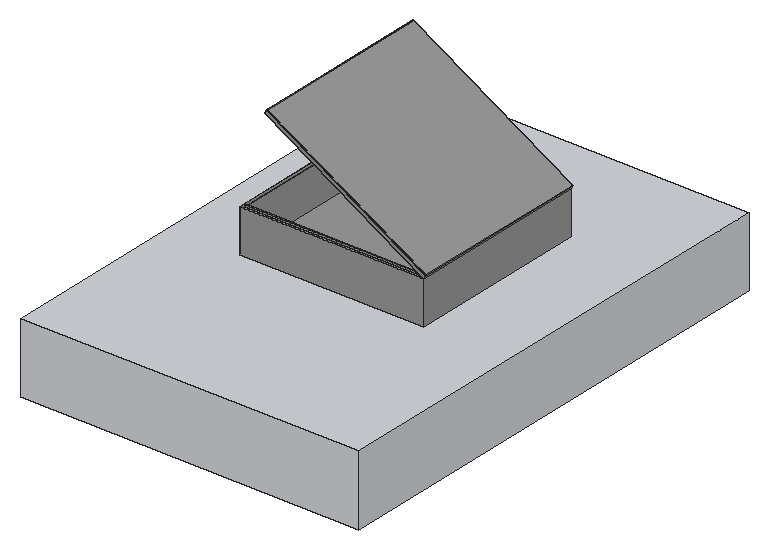
Revit family "Hager-Univers-IP44-D205-H800-Cl.II-Encl-BE-en", category Equipement électrique, Revit 2020
Family settings
  Hôte = Face
  Configuration du panneau = Deux colonnes, circuits au sein
  Cote de connecteur circulaire = Utiliser le diamètre
  Type d'élément = Tableau de raccordement
  Couper avec des vides une fois chargée = Non
  Partagée = Non
  Point de calcul de pièce = Non
Parameters (values of type "Surface mounted (plaster) IP44 W800 H800 D205  - FP53QS")
  Width Control [instance] = if([EF000008 - Width] > Min Width, [EF000008 - Width], Min Width)  # 800 mm
  Commentaires du type = [HG000003 - Range]  # "Univers"
  Thickness Door [instance] = if([EF009171 - Material plate thickness door/cover] > 3 mm, 3 mm, [EF009171 - Material plate thickness door/cover])  # 1 mm
  Seal Frame Offset [instance] = 17 mm  # constant formula
  Plinth Visibility [instance] = [HG000027 - Plinth height] > 0 mm  # no
  Model = ""
  Min Width [instance] = 100 mm  # constant formula
  Min Height [instance] = 100 mm  # constant formula
  Min Depth [instance] = (2 * [EF009170 - Material plate thickness cabinet]) + 1 mm  # 3 mm
  Internal Frame Depth [instance] = (Door System Depth * 0.5)  # 9 mm
  Height Control [instance] = if([EF000040 - Height] > Min Height, [EF000040 - Height], Min Height)  # 800 mm
  HG000027 - Plinth height = 0 mm
  HG000026 - Floor standing = no
  HG000024 - Bottom section height = 800 mm
  HG000023 - Double section enclosure = no
  HG000016 - Door 3d visibility [instance] = yes
  HG000015 - Clearance visibility [instance] = no
  HG000014 - Door on the right [instance] = yes
  HG000013 - Door on the left [instance] = not([HG000014 - Door on the right])  # no
  HG000012 - Door swing angle [instance] = 30.00°
  HG000010 - Asymmetric doors = no
  HG000009 - Double swing door = no
  HG000006 - Flush mounted = no
  HG000004 - Manufacturer reference = "FP53QS"
  HG000003 - Range = "Univers"
  HG000002 - With door or cover = yes
  Frame Offset Bottom [instance] = 10 mm  # constant formula
  Frame Offset [instance] = 15 mm  # constant formula
  EF015940 - Cover with overpressure release = no
  EF011959 - Degree of protection (NEMA) = ""
  EF009554 - Number of openings for flange plates = 6
  EF009212 - Cover model = "EV000116 - Closed"
  EF009171 - Material plate thickness door/cover = 1 mm
  EF009170 - Material plate thickness cabinet = 1 mm
  Fabricant = "Hager"  # constant formula
  EF008873 - Nominal current (In) = 250 A
  EF007800 - Suitable for lightning protection = no
  EF006306 - With lock = no
  EF006244 - Transparent cover/door = no
  EF005474 - Degree of protection (IP) = "EV006418 - IP44"
  EF004464 - Type of door = "EV002646 - Single"
  EF004427 - Number of modules = 180
  EF004293 - Impact strength = "EV006815 - IK09"
  EF003532 - Suitable for outdoor use = no
  EF002950 - Width in number of modular spacings = 36
  EF001613 - Circuit integrity = "EV000494 - None"
  EF001596 - Material housing = "EV000179 - Steel"
  EF001131 - Internal depth = 143 mm
  EF001088 - Extension possible = yes
  EF000437 - Number of conduit inlets = 6
  EF000339 - Type of cover = "EV001012 - Cover"
  EF000266 - Number of rows = 5
  EF000218 - Built-in depth = 0 mm
  EF000118 - With mounting plate = no
  EF000116 - RAL-number = "9010"
  EF000049 - Depth = 205 mm
  EF000040 - Height = 800 mm
  EF000008 - Width = 800 mm
  EF000007 - Colour = "EV000202 - White"
  EF000003 - Mounting method = "EV000384 - Surface mounted (plaster)"
  Door System Leaf Tolerance [instance] = 1.5 mm  # constant formula
  Door System Depth [instance] = 18 mm  # constant formula
  Door Height [instance] = Height Control - [HG000027 - Plinth height]  # 800 mm
  Depth Control [instance] = if([EF000049 - Depth] > Min Depth, [EF000049 - Depth], Min Depth)  # 205 mm
  Default Elevation = 0 mm
  Connector Offset [instance] = Height Control / 2  # 400 mm
  Bottom Top Plate Trim [instance] = 1.5 mm  # constant formula
  Plinth height Ctrl [instance] = if([HG000027 - Plinth height] > 0 mm, [HG000027 - Plinth height], 12 mm)  # 12 mm
Types (5, lengths in mm): name | Width Control | HG000009 - Double swing door | HG000004 - Manufacturer reference | EF009554 - Number of openings for flange plates | EF004464 - Type of door | EF004427 - Number of modules | EF002950 - Width in number of modular spacings | EF000437 - Number of conduit inlets | EF000008 - Width
  Surface mounted (plaster) IP44 W1050 H800 D205  - FP54QS | 1050 | no | "FP54QS" | 8 | "EV003602 - Double" | 240 | 48 | 8 | 1050
  Surface mounted (plaster) IP44 W1300 H800 D205  - FP55QS | 1300 | yes | "FP55QS" | 10 | "EV003602 - Double" | 300 | 60 | 10 | 1300
  Surface mounted (plaster) IP44 W300 H800 D205  - FP51QS | 300 | no | "FP51QS" | 2 | "EV002646 - Single" | 60 | 12 | 2 | 300
  Surface mounted (plaster) IP44 W550 H800 D205  - FP52QS | 550 | no | "FP52QS" | 4 | "EV002646 - Single" | 120 | 24 | 4 | 550
  Surface mounted (plaster) IP44 W800 H800 D205  - FP53QS | 800 | no | "FP53QS" | 6 | "EV002646 - Single" | 180 | 36 | 6 | 800
Reference planes
  plane 1 "Center (Front/Back)": y = 0
  plane 2: z = 0
  plane 3 "Center (Left/Right)": x = 0
  plane 4: z = 205
  plane 5: y = 1
  plane 6: y = 400
  plane 7: y = 0
  plane 8: y = 800
  plane 9: z = 0
  plane 10: x = -385
  plane 11: x = 385
  plane 12: x = 384
  plane 13: x = -384
  plane 14: y = 799
  plane 15: x = -383
  plane 16: x = -400
  plane 17: x = 383
  plane 18: x = 400
  plane 19: x = 399
  plane 20: x = -399
  plane 21: y = 11
  plane 22: y = 800
  plane 23: y = 784
  plane 24: z = 187
  plane 25: z = 1
  plane 26: z = 186
  plane 27: z = 204
Forms (mm)
  Extrusion 1, solid
    sketch origin (0, 0, 0) x (1, 0, 0) y (0, 1, 0)
      loop
        line (-702.964, 1305) -> (-702.964, -811.445) -> (766.763, -811.445) -> (766.763, 1305) -> (-702.964, 1305)
    from 0 to -304.8
  Extrusion 2, solid, material "Hager_Steel_RAL7035_Light_Grey", visible <- "Plinth Visibility", detail levels medium+fine
    sketch origin (0, 0, 0) x (1, 0, 0) y (0, 1, 0)
      loop
        line (-400, 0) -> (400, 0) -> (400, 12) -> (-400, 12) -> (-400, 0)
    from 0 to 187
  Extrusion 3, solid, material "Hager_Steel_RAL7035_Light_Grey", detail levels medium+fine
    sketch origin (0, 0, 0) x (1, 0, 0) y (0, 1, 0)
      loop
        line (-400, 0) -> (400, 0) -> (400, 800) -> (-400, 800) -> (-400, 0)
    from 0 to 187
  Extrusion 4, void
    sketch origin (0, 0, 0) x (1, 0, 0) y (0, 1, 0)
      loop
        line (-399, 1) -> (399, 1) -> (399, 799) -> (-399, 799) -> (-399, 1)
    from 1 to 186
  Extrusion 5, void
    sketch origin (-381.607, -4572, 187) x (0, -1, 0) y (-1, 0, 0)
      loop
        line (-4583, 2.393) -> (-5356, 2.393) -> (-5356, -765.607) -> (-4583, -765.607) -> (-4583, 2.393)
    from 0 to 1 <- "EF009170 - Material plate thickness cabinet"
  Extrusion 6, solid, material "Hager_Steel_RAL7035_Light_Grey", detail levels fine
    sketch origin (0, 0, 187) x (1, 0, 0) y (0, 1, 0)
      loop
        line (-384, 784) -> (-384, 11) -> (384, 11) -> (384, 784) -> (-384, 784)
      loop
        line (-385, 10) -> (385, 10) -> (385, 785) -> (-385, 785) -> (-385, 10)
    from 0 to 9 <- "Internal Frame Depth"
  Extrusion 7, solid, material "Hager_Steel_RAL7035_Light_Grey", detail levels coarse
    sketch origin (0, 0, 0) x (1, 0, 0) y (0, 1, 0)
      loop
        line (-400, 0) -> (400, 0) -> (400, 800) -> (-400, 800) -> (-400, 0)
    from 0 to 205
  Sweep 8, void
    path in 3D
      loop
        line (-400, 12, 0) -> (400, 12, 0) -> (400, 12, 187) -> (-400, 12, 187) -> (-400, 12, 0)
    profile origin (-400, 12, 93.5) x (-1, 0, 0) y (0, -1, 0)
      loop
        line (0, 0) -> (0, 1.5) -> (-1.5, 1.5)
        arc (-1.5, 1.5) -> (-1.061, 0.439) -> (0, 0) r 1.5
Cuts and joins
  Extrusion 4, Extrusion 5 cuts Extrusion 3
  Sweep 8 cuts Extrusion 2
Lines and regions (mm)
  Masking region 1
    outline origin (0, 0, 0) x (1, 0, 0) y (0, 0, 1)
      loop
        line (-400, 205) -> (-400, 0) -> (400, 0) -> (400, 205) -> (-400, 205)
  Masking region 2, detail levels medium+fine
    outline origin (0, 140, 0) x (0, 1, 0) y (0, 0, 1)
      loop
        line (-140, 0) -> (660, 0) -> (660, 187) -> (-140, 187) -> (-140, 0)
  Masking region 3, not visible, detail levels medium+fine
    outline origin (0, 297.922, 0) x (0, 1, 0) y (0, 0, 1)
      loop
        line (113.578, 0) -> (153.578, 0) -> (153.578, 194)
        arc (153.578, 194) -> (150.649, 201.071) -> (143.578, 204) r 10
        line (143.578, 204) -> (113.578, 204) -> (113.578, 0)
  Masking region 4, detail levels coarse
    outline origin (0, 0, 180) x (0, 1, 0) y (0, 0, 1)
      loop
        line (0, -180) -> (800, -180) -> (800, 25) -> (0, 25) -> (0, -180)
  Masking region 5, visible <- "Plinth Visibility", detail levels medium+fine
    outline origin (0, 52.24, 12.345) x (0, 0, -1) y (0, 1, 0)
      loop
        line (10.845, -40.24) -> (-173.155, -40.24)
        arc (-173.155, -40.24) -> (-173.594, -41.301) -> (-174.655, -41.74) r 1.5
        line (-174.655, -41.74) -> (-174.655, -52.24) -> (12.345, -52.24) -> (12.345, -41.74)
        arc (12.345, -41.74) -> (11.285, -41.301) -> (10.845, -40.24) r 1.5
  Masking region 6, detail levels medium+fine
    outline origin (-381.607, -4572, 187) x (-1, 0, 0) y (0, -1, 0)
      loop
        line (18.393, -5372) -> (18.393, -4572) -> (-781.607, -4572) -> (-781.607, -5372) -> (18.393, -5372)
  Masking region 7, visible <- "Plinth Visibility", detail levels medium+fine
    outline origin (-381.607, -4727, 187) x (-1, 0, 0) y (0, -1, 0)
      loop
        arc (16.893, -4739) -> (17.332, -4737.939) -> (18.393, -4737.5) r 1.5
        line (18.393, -4737.5) -> (18.393, -4727) -> (-781.607, -4727) -> (-781.607, -4737.5)
        arc (-781.607, -4737.5) -> (-780.546, -4737.939) -> (-780.107, -4739) r 1.5
        line (-780.107, -4739) -> (16.893, -4739)
  Masking region 8, detail levels coarse
    outline origin (-442.548, -4669.526, 187) x (-1, 0, 0) y (0, -1, 0)
      loop
        line (-42.548, -5469.526) -> (-42.548, -4669.526) -> (-842.548, -4669.526) -> (-842.548, -5469.526) -> (-42.548, -5469.526)
  sketch lines
    curve 1: line (-400, 12, 187) -> (-400, 12, 0)
    curve 2: line (400, 12, 187) -> (-400, 12, 187)
    curve 3: line (400, 12, 187) -> (400, 12, 0)
    curve 4: line (-400, 12, 0) -> (400, 12, 0)
Dimensions and locks
  "Depth Control": plane 4 to Extrusion 1
  "HG000027 - Plinth height": plane 1 "Center (Front/Back)" to plane 7
  "EF009170 - Material plate thickness cabinet": plane 5 to plane 7
  locked: connector elem to plane 3 "Center (Left/Right)"
  equal spacing: plane 8, plane 6, plane 7
  locked: connector elem to plane 6
  "EF009170 - Material plate thickness cabinet": plane 8 to plane 14
  "EF009170 - Material plate thickness cabinet": plane 10 to plane 13
  "EF009170 - Material plate thickness cabinet": plane 12 to plane 11
  "Frame Offset": plane 20 to plane 13
  "Frame Offset": plane 12 to plane 19
  "EF009170 - Material plate thickness cabinet": plane 16 to plane 20
  "EF009170 - Material plate thickness cabinet": plane 19 to plane 18
  "Seal Frame Offset": plane 16 to plane 15
  "Seal Frame Offset": plane 17 to plane 18
  "Frame Offset Bottom": plane 21 to plane 5
  "Frame Offset": plane 14 to plane 23
  equal spacing: plane 16, plane 3 "Center (Left/Right)", plane 18
  "Width Control": plane 16 to plane 18
  "EF009170 - Material plate thickness cabinet": plane 4 to plane 27
  "EF009170 - Material plate thickness cabinet": plane 24 to plane 26
  "EF009170 - Material plate thickness cabinet": plane 25 to level
  "Door System Depth": plane 4 to plane 24
  "Height Control": plane 1 "Center (Front/Back)" to Extrusion 7 sketch curve
  "Height Control": Masking region 4 sketch curve to plane 1 "Center (Front/Back)"
  "Height Control": plane 1 "Center (Front/Back)" to plane 22
  "Bottom Top Plate Trim": profile plane to Sweep 8 sketch curve
  "Bottom Top Plate Trim": Sweep 8 sketch curve to profile plane
  "Plinth height Ctrl": plane 1 "Center (Front/Back)" to Extrusion 2 sketch curve
  "Plinth height Ctrl": Masking region 5 sketch curve to plane 1 "Center (Front/Back)"
  "Plinth height Ctrl": plane 1 "Center (Front/Back)" to Masking region 7 sketch curve
  "Thickness Door": Extrusion 6 sketch curve to Extrusion 6 sketch curve  (x3)
  "Thickness Door": cut or joined group of Extrusion 3, Extrusion 4, Extrusion 5 to Extrusion 6 sketch curve
  radius of Masking region 3 sketch curve = 10 mm
  "Bottom Top Plate Trim": radius of Masking region 5 sketch curve  (x2)
  "Bottom Top Plate Trim": radius of Sweep 8 sketch curve
  "Bottom Top Plate Trim": radius of Masking region 7 sketch curve  (x2)
  aligned and locked: plane 2 to Extrusion 1
  aligned and locked: level to Extrusion 1
  aligned and locked: level to Masking region 1 sketch curve
  aligned and locked: Masking region 1 sketch curve to plane 18
  aligned and locked: Masking region 1 sketch curve to plane 16
  aligned and locked: plane 7 to Masking region 2 sketch curve
  aligned and locked: level to Masking region 3 sketch curve
  aligned and locked: Masking region 3 sketch curve to plane 27
  aligned and locked: level to Masking region 2 sketch curve
  aligned and locked: plane 1 "Center (Front/Back)" to Extrusion 2 sketch curve
  aligned and locked: Extrusion 3 sketch curve to plane 7
  aligned and locked: plane 16 to Extrusion 3 sketch curve
  aligned and locked: plane 18 to Extrusion 3 sketch curve
  aligned and locked: plane 20 to Extrusion 4 sketch curve
  aligned and locked: plane 19 to Extrusion 4 sketch curve
  aligned and locked: Extrusion 4 sketch curve to plane 5
  aligned and locked: Extrusion 4 to plane 25
  aligned and locked: plane 26 to Extrusion 4
  aligned and locked: plane 24 to Extrusion 3
  aligned and locked: Extrusion 5 sketch curve to plane 21
  aligned and locked: Extrusion 5 sketch curve to plane 13
  aligned and locked: Extrusion 5 sketch curve to plane 12
  aligned and locked: plane 18 to Extrusion 7 sketch curve
  aligned and locked: plane 1 "Center (Front/Back)" to Extrusion 7 sketch curve
  aligned and locked: plane 16 to Extrusion 7 sketch curve
  aligned and locked: plane 4 to Extrusion 7
  aligned and locked: Extrusion 7 to level
  aligned and locked: level to Masking region 4 sketch curve
  aligned and locked: Masking region 4 sketch curve to plane 1 "Center (Front/Back)"
  aligned and locked: Masking region 4 sketch curve to plane 4
  aligned and locked: nested 1 to level
  aligned and locked: nested 1 to plane 16
  aligned and locked: plane 8 to Extrusion 3 sketch curve
  aligned and locked: plane 23 to Extrusion 5 sketch curve
  aligned and locked: plane 14 to Extrusion 4 sketch curve
  aligned and locked: Masking region 2 sketch curve to plane 8
  aligned and locked: level to Masking region 5 sketch curve
  aligned and locked: plane 16 to Extrusion 2 sketch curve
  aligned and locked: plane 18 to Extrusion 2 sketch curve
  aligned and locked: Masking region 5 sketch curve to plane 24
  aligned and locked: Masking region 2 sketch curve to plane 24
  aligned and locked: plane 24 to Extrusion 2
  aligned and locked: profile plane to Sweep 8 sketch curve  (x2)
  aligned and locked: Masking region 6 sketch curve to plane 18
  aligned and locked: Masking region 6 sketch curve to plane 22
  aligned and locked: Masking region 6 sketch curve to plane 16
  aligned and locked: plane 8 to plane 22
  aligned and locked: Masking region 6 sketch curve to plane 7
  aligned and locked: Masking region 7 sketch curve to plane 16
  aligned and locked: Masking region 7 sketch curve to plane 1 "Center (Front/Back)"
  aligned and locked: Masking region 7 sketch curve to plane 18
  aligned and locked: Masking region 8 sketch curve to plane 1 "Center (Front/Back)"
  aligned and locked: Masking region 8 sketch curve to plane 18
  aligned and locked: Masking region 8 sketch curve to plane 22
  aligned and locked: Masking region 8 sketch curve to plane 16
  aligned and locked: nested 2 to plane 7
  aligned and locked: plane 3 "Center (Left/Right)" to nested 2
  aligned and locked: nested 2 to plane 24
  aligned and locked: Extrusion 6 sketch curve to cut or joined group of Extrusion 3, Extrusion 4, Extrusion 5  (x4)
Automatic sketch dimensions
  Extrusion 1 sketch curve to Extrusion 1 sketch curve = 1469.727 mm
  Extrusion 1 sketch curve to Extrusion 1 sketch curve = 2116.445 mm
  Masking region 1 sketch curve to plane 4 = 0 mm
  plane 6 to Masking region 3 sketch curve = 11.5 mm
  Masking region 3 sketch curve to Masking region 3 sketch curve = 30 mm
  Masking region 5 sketch curve to plane 1 "Center (Front/Back)" = 0 mm
Nested families
  nested 1: "Hager_Enclosure_Symbol" at (-400, 0, 0) x (1, 0, 0) z (0, -1, 0), Height <- "Depth Control", Width <- "Width Control", type "Hager_Enclosure_Symbol"
    with Width_Ctrl 800 mm, Width 800 mm, Height_Ctrl 205 mm, Height 205 mm, A_Width_Int 13.453 mm, A_Width 161.438 mm, A_Height_Ctrl 179.375 mm, A_Height 179.375 mm
  nested 2: "EC000058_Univers_Door" at (0, 0, 187) x (1, 0, 0) z (0, 1, 0), Leaf_Tolerance <- "Door System Leaf Tolerance", Angle <- "HG000012 - Door swing angle", Door_Depth <- "Door System Depth", Door_Left <- "HG000013 - Door on the left", Transparent <- "EF006244 - Transparent cover/door", Assymetrical <- "HG000010 - Asymmetric doors", Width <- "Width Control", Clearance <- "HG000015 - Clearance visibility", Double <- "HG000009 - Double swing door", 3d_Door <- "HG000016 - Door 3d visibility", Lock_Visibility <- "EF006306 - With lock", Width_Ctrl <- "Width Control", Door_Right <- "HG000014 - Door on the right", Door <- "HG000002 - With door or cover", Height <- "Door Height", Thickness <- "Thickness Door", type "EC000058_Univers_Door", detail levels medium+fine
    with min_wh 3 mm, Width_Ctrl 800 mm, Width 800 mm, Transparent no, Thickness 1 mm, Seal_Material Hager_Rubber, Lock_Visibility no, Lock_Material Hager_Plastic_RAL9005_Jet_Black, Leaf_Width 800 mm, Leaf_Tolerance_External_Sides 0 mm, Leaf_Tolerance 1.5 mm, Leaf_Offset 0 mm, Leaf_Height 797 mm, Leaf_2_Width 800 mm, Leaf_2_Offset 400 mm, Leaf_1_Width 800 mm, Leaf_1_Offset 400 mm, Height_Ctrl 800 mm, Height 800 mm, Glass_Material Hager_Glass, Double_Clearance_Ctrl no, Double no, Door_Right_Ctrl yes, Door_Right yes, Door_Material Hager_Steel_RAL7035_Light_Grey, Door_Left_Ctrl no, Door_Left no, Door_Depth 18 mm, Door yes, Clearance_Material Hager_Clearance, Clearance_Depth 800 mm, Clearance_Ctrl no, Clearance no, Assymetrical no, Angle 30.00°, 3d_Door yes
Connectors
  electrical at (0, 400, 0)
    settings: on plane 9, index 1, voltage 0 V, apparent load 0 VA, apparent load phase1 0 VA, apparent load phase2 0 VA, apparent load phase3 0 VA, power factor 1, load classification "Other", number of poles 1, system type 30, power factor state 1, is connector primary yes, connector utility no, sub classification motor no, connector description ""
Definition of nested family "EC000058_Univers_Door"
  Parameters (values of type "EC000058_Univers_Door")
    min_wh [instance] = (2 * Thickness) + 1 mm  # 11 mm
    Width_Ctrl [instance] = 400 mm
    Width [instance] = 500 mm
    Transparent [instance] = yes
    Thickness [instance] = 5 mm
    Seal_Material [instance] = none
    Lock_Visibility [instance] = yes
    Lock_Material [instance] = none
    Leaf_Width [instance] = if((Width_Ctrl - 2 * Leaf_Tolerance_External_Sides) > 0 mm, (Width_Ctrl - 2 * Leaf_Tolerance_External_Sides), min_wh)  # 400 mm
    Leaf_Tolerance_External_Sides [instance] = 0 mm  # constant formula
    Leaf_Tolerance [instance] = 1.5 mm
    Leaf_Offset [instance] = 0 mm  # constant formula
    Leaf_Height [instance] = if((Height_Ctrl - 2 * Leaf_Tolerance) > 0 mm, (Height_Ctrl - 2 * Leaf_Tolerance), min_wh)  # 497 mm
    Leaf_2_Width [instance] = if(and(and(Double, Assymetrical), Door_Left), (Leaf_Width / 3) - (Leaf_Tolerance / 2), if(and(and(Double, Assymetrical), Door_Right), (Leaf_Width / 3) * 2 - (Leaf_Tolerance / 2), if(and(Double, not(Assymetrical)), (Leaf_Width / 2) - Leaf_Tolerance, Leaf_Width)))  # 400 mm
    Leaf_2_Offset [instance] = if(and(Double, Assymetrical), Leaf_2_Width / 2, if(and(Double, not(Assymetrical)), Leaf_Width / 4, Leaf_Width / 2))  # 200 mm
    Leaf_1_Width [instance] = if(and(and(Double, Assymetrical), Door_Right), (Leaf_Width / 3) - (Leaf_Tolerance / 2), if(and(and(Double, Assymetrical), Door_Left), (Width / 3) * 2 - (Leaf_Tolerance / 2), if(and(Double, not(Assymetrical)), (Leaf_Width / 2) - Leaf_Tolerance, Leaf_Width)))  # 400 mm
    Leaf_1_Offset [instance] = if(and(Double, Assymetrical), Leaf_1_Width / 2, if(and(Double, not(Assymetrical)), Leaf_Width / 4, Leaf_Width / 2))  # 200 mm
    Height_Ctrl [instance] = if(Height > min_wh, Height, min_wh)  # 500 mm
    Height [instance] = 500 mm
    Glass_Material [instance] = none
    Double_Clearance_Ctrl [instance] = and(Double, Clearance)  # no
    Double [instance] = no
    Door_Right_Ctrl [instance] = and(or(Door_Right, Double), Door)  # yes
    Door_Right [instance] = yes
    Door_Material [instance] = none
    Door_Left_Ctrl [instance] = and(or(Door_Left, Double), Door)  # no
    Door_Left [instance] = no
    Door_Depth [instance] = 30 mm
    Door [instance] = yes
    Default Elevation = 1219.2 mm
    Clearance_Material [instance] = none
    Clearance_Depth [instance] = if(Leaf_1_Width > Leaf_2_Width, Leaf_1_Width, Leaf_2_Width)  # 400 mm
    Clearance_Ctrl [instance] = and(not(Double), Clearance)  # yes
    Clearance [instance] = yes
    Assymetrical [instance] = yes
    Angle [instance] = 30.00°
    3d_Door [instance] = yes
  Reference planes
    plane 1 "Center (Front/Back)": y = 0
    plane 2 "Bottom": z = 0
    plane 3 "Center (Left/Right)": x = 0
    plane 4: z = 500
    plane 5: x = -200
    plane 6: x = 200
    plane 7: z = 500
    plane 8: x = -200
    plane 9: z = 0
    plane 10: x = 200
    plane 11: y = 0
    plane 12: z = 1.5
    plane 13: x = -600
    plane 14: y = -400
    plane 15: x = 600
    plane 16: x = 0
    plane 17: x = 0
    plane 18: x = -200
    plane 19: x = 200
    plane 20: z = 498.5
  Forms (mm)
    Extrusion 1, solid, material <- "Clearance_Material", visible <- "Double_Clearance_Ctrl"
      sketch origin (1200, 0, 0) x (1, 0, 0) y (0, 0, -1)
        loop
          line (-1800, -498.5) -> (-600, -498.5) -> (-600, 0) -> (-1800, 0) -> (-1800, -498.5)
      from 0 to -400
  Dimensions and locks
    equal spacing: plane 5, plane 3 "Center (Left/Right)", plane 6
    "Width_Ctrl": plane 5 to plane 6
    "Leaf_Offset": plane 5 to plane 8
    "Leaf_Offset": plane 6 to plane 10
    "Leaf_Offset": plane 9 to level
    "Leaf_Offset": plane 4 to plane 7
    "Height_Ctrl": plane 4 to level
    "Leaf_Tolerance": plane 12 to plane 9
    locked: plane 11 to plane 1 "Center (Front/Back)"
    "Leaf_1_Offset": plane 18 to plane 16
    "Leaf_2_Offset": plane 17 to plane 19
    "Leaf_1_Width": plane 13 to plane 8
    "Leaf_2_Width": plane 10 to plane 15
    "Clearance_Depth": plane 14 to plane 1 "Center (Front/Back)"
    "Leaf_Tolerance_External_Sides": plane 8 to plane 18
    "Leaf_Tolerance_External_Sides": plane 19 to plane 10
    "Leaf_Tolerance": plane 7 to plane 20
    aligned and locked: level to plane 2 "Bottom"
    aligned and locked: nested 1 to plane 16
    aligned and locked: nested 2 to plane 17
    aligned and locked: Extrusion 1 to plane 13
    aligned and locked: plane 15 to Extrusion 1
    aligned and locked: Extrusion 1 to plane 14
    aligned and locked: plane 12 to nested 1
    aligned and locked: nested 2 to plane 12
    aligned and locked: Extrusion 1 to plane 11
    aligned and locked: plane 20 to Extrusion 1
    aligned and locked: nested 2 to plane 11
    aligned and locked: nested 1 to plane 11
  Automatic sketch dimensions
    Extrusion 1 sketch curve to level = 0 mm
    plane 5 to Extrusion 1 sketch curve = 400 mm
    plane 6 to Extrusion 1 sketch curve = 400 mm
    Extrusion 1 sketch curve to plane 4 = 1.5 mm
  Nested families
    nested 1: "EC000058_Univers_Door_Leaf" at (0, 0, 1.5), Width <- "Leaf_1_Width", visible <- "Door_Left_Ctrl", Leaf_Height <- "Leaf_Height", Angle <- "Angle", 3d_Door <- "3d_Door", Transparent <- "Transparent", Clearance Material <- "Clearance_Material", Clearance <- "Clearance_Ctrl", Door_Material <- "Door_Material", Glass_Material <- "Glass_Material", Door_Depth <- "Door_Depth", Lock_Material <- "Lock_Material", Seal_Material <- "Seal_Material", Lock_Visibility <- "Lock_Visibility", Thickness <- "Thickness", type "EC000058_Univers_Door_Leaf"
      with Width 400 mm, Transparent_Glass_Offset 30 mm, Transparent_Ctrl yes, Transparent yes, Thickness 5 mm, Standard no, Seal_Material none, Seal_D2 8 mm, Seal_D1 1 mm, Offset_Internal_Frame 10 mm, Lock_Width 20 mm, Lock_Visibility_3d yes, Lock_Visibility yes, Lock_Thickness_3 3 mm, Lock_Thickness_2 1 mm, Lock_Thickness_1 3 mm, Lock_Radius_Offset_2 16 mm, Lock_Radius_Offset_1 15 mm, Lock_Radius_2 5 mm, Lock_Radius 6 mm, Lock_Offset 5 mm, Lock_Material none, Lock_Height 80 mm, Lock_Cover_Top_Offset_2d 17 mm, Lock_Cover_Height -65 mm, Leaf_Height 497 mm, Internal_Seal_Thickness 8 mm, Internal_Seal_Depth_2 4.5 mm, Internal_Frame_Depth 25 mm, Glass_Thickness -1 mm, Glass_Offset -2 mm, Glass_Material none, Door_Material none, Door_Depth 30 mm, Clearance Material none, Clearance yes, Angle_Ctrl 30.00°, Angle 30.00°, 3d_Door yes
    nested 2: "EC000058_Univers_Door_Leaf" at (0, 0, 1.5) x (-1, 0, 0) z (0, 0, 1), Width <- "Leaf_2_Width", visible <- "Door_Right_Ctrl", Leaf_Height <- "Leaf_Height", Angle <- "Angle", 3d_Door <- "3d_Door", Transparent <- "Transparent", Clearance Material <- "Clearance_Material", Clearance <- "Clearance_Ctrl", Door_Material <- "Door_Material", Glass_Material <- "Glass_Material", Door_Depth <- "Door_Depth", Lock_Material <- "Lock_Material", Seal_Material <- "Seal_Material", Lock_Visibility <- "Lock_Visibility", Thickness <- "Thickness", type "EC000058_Univers_Door_Leaf"
      with Width 400 mm, Transparent_Glass_Offset 30 mm, Transparent_Ctrl yes, Transparent yes, Thickness 5 mm, Standard no, Seal_Material none, Seal_D2 8 mm, Seal_D1 1 mm, Offset_Internal_Frame 10 mm, Lock_Width 20 mm, Lock_Visibility_3d yes, Lock_Visibility yes, Lock_Thickness_3 3 mm, Lock_Thickness_2 1 mm, Lock_Thickness_1 3 mm, Lock_Radius_Offset_2 16 mm, Lock_Radius_Offset_1 15 mm, Lock_Radius_2 5 mm, Lock_Radius 6 mm, Lock_Offset 5 mm, Lock_Material none, Lock_Height 80 mm, Lock_Cover_Top_Offset_2d 17 mm, Lock_Cover_Height -65 mm, Leaf_Height 497 mm, Internal_Seal_Thickness 8 mm, Internal_Seal_Depth_2 4.5 mm, Internal_Frame_Depth 25 mm, Glass_Thickness -1 mm, Glass_Offset -2 mm, Glass_Material none, Door_Material none, Door_Depth 30 mm, Clearance Material none, Clearance yes, Angle_Ctrl 30.00°, Angle 30.00°, 3d_Door yes
  Definition of nested family "EC000058_Univers_Door_Leaf"
    Parameters (values of type "EC000058_Univers_Door_Leaf")
      Width [instance] = 2000 mm
      Transparent_Glass_Offset [instance] = 30 mm
      Transparent_Ctrl [instance] = and(Transparent, [3d_Door])  # yes
      Transparent [instance] = yes
      Thickness [instance] = 5 mm
      Standard [instance] = and(not(Transparent), [3d_Door])  # no
      Seal_Material [instance] = none
      Seal_D2 [instance] = 8 mm  # constant formula
      Seal_D1 [instance] = 1 mm  # constant formula
      Offset_Internal_Frame [instance] = 10 mm  # constant formula
      Lock_Width [instance] = 20 mm  # constant formula
      Lock_Visibility_3d [instance] = and(Lock_Visibility, [3d_Door])  # yes
      Lock_Visibility [instance] = yes
      Lock_Thickness_3 [instance] = 3 mm  # constant formula
      Lock_Thickness_2 [instance] = 1 mm  # constant formula
      Lock_Thickness_1 [instance] = 3 mm  # constant formula
      Lock_Radius_Offset_2 [instance] = Lock_Radius_Offset_1 + 1 mm  # 16 mm
      Lock_Radius_Offset_1 [instance] = 15 mm  # constant formula
      Lock_Radius_2 [instance] = Lock_Radius - 1 mm  # 5 mm
      Lock_Radius [instance] = 6 mm  # constant formula
      Lock_Offset [instance] = 5 mm  # constant formula
      Lock_Material [instance] = none
      Lock_Height [instance] = 80 mm  # constant formula
      Lock_Cover_Top_Offset_2d [instance] = Lock_Radius_Offset_2 + 1 mm  # 17 mm
      Lock_Cover_Height [instance] = -(Lock_Height - Lock_Radius_Offset_1)  # -65 mm
      Leaf_Height [instance] = 2720.336 mm
      Internal_Seal_Thickness [instance] = 8 mm  # constant formula
      Internal_Seal_Depth_2 [instance] = 4.5 mm  # constant formula
      Internal_Frame_Depth [instance] = if(Door_Depth - Thickness > 5 mm, Door_Depth - Thickness, 5 mm)  # 25 mm
      Glass_Thickness [instance] = if(Thickness > 15 mm, Glass_Offset + 10 mm, -1 mm)  # -1 mm
      Glass_Offset [instance] = if(Thickness > 15 mm, -(Thickness + 10 mm) / 2, -2 mm)  # -2 mm
      Glass_Material [instance] = none
      Door_Material [instance] = none
      Door_Depth [instance] = 30 mm
      Default Elevation = 0 mm
      Clearance Material [instance] = none
      Clearance [instance] = yes
      Angle_Ctrl [instance] = if(Angle > 180.00°, 180.00°, Angle)  # 90.00°
      Angle [instance] = 90.00°
      3d_Door [instance] = yes
    Reference planes
      plane 1 "Center (Front/Back)": y = 0
      plane 2: z = 0
      plane 3 "Center (Left/Right)": x = 0
      plane 4: y = 2000
      plane 5: x = -1000
      plane 6: x = 1000
      plane 7: x = -3000
      plane 8: z = 2720.336
      plane 9: z = 30
      plane 10: z = 2690.336
      plane 11: x = 970
      plane 12: x = -970
      plane 13: y = -3
      plane 14: z = 107.833
      plane 15: y = -5
      plane 16: y = -223.314
      plane 17: x = -1000
      plane 18: z = 1360.168
      plane 19: y = 30
    Forms (mm)
      Extrusion 1, solid, material <- "Clearance Material", visible <- "Clearance"
        sketch origin (0, 0, 0) x (1, 0, 0) y (0, 0, 1)
          loop
            line (-3000, 2720.336) -> (-3000, 0) -> (1000, 0) -> (1000, 2720.336) -> (-3000, 2720.336)
        from 0 to -2000
      Extrusion 2, solid, material <- "Door_Material", visible <- "Standard", detail levels medium+fine
        sketch origin (-1000, 0, 0) x (0, 1, 0) y (-1, 0, 0)
          loop
            line (0, 30) -> (0, 25) -> (2000, 25) -> (2000, 30) -> (0, 30)
        from 0 to 2720.336 <- "Leaf_Height"
      Extrusion 3, solid, material <- "Door_Material", visible <- "Transparent_Ctrl", detail levels medium+fine
        sketch origin (-1000, 0, 0) x (0, 1, 0) y (-1, 0, 0)
          loop
            line (0, 25) -> (2000, 25) -> (2000, 30) -> (0, 30) -> (0, 25)
        from 0 to 2720.336 <- "Leaf_Height"
      Extrusion 4, void
        sketch origin (-1025, 2000, 0) x (0, 1, 0) y (0, 0, -1)
          loop
            line (-30, -2690.336) -> (-30, -30) -> (-1970, -30) -> (-1970, -2690.336) -> (-30, -2690.336)
        from 0 to 5 <- "Thickness"
      Sweep 5, solid, material <- "Seal_Material", visible <- "Transparent_Ctrl", detail levels fine
        path in 3D
          loop
            line (-1025, 30, 30) -> (-1025, 30, 2690.336) -> (-1025, 1970, 2690.336) -> (-1025, 1970, 30) -> (-1025, 30, 30)
        profile origin (-1025, 1000, 30) x (1, 0, 0) y (0, 0, 1)
          loop
            line (0, 0) -> (0, -8) -> (1, -8) -> (1, 0) -> (0, 0)
      Extrusion 6, solid, material <- "Glass_Material", visible <- "Transparent_Ctrl", detail levels medium+fine
        sketch origin (-1030, 0, 0) x (0, 1, 0) y (0, 0, -1)
          loop
            line (1970, -2690.336) -> (1970, -30) -> (30, -30) -> (30, -2690.336) -> (1970, -2690.336)
        from -2 <- "Glass_Offset" to -1 <- "Glass_Thickness"
      Extrusion 7, solid, material <- "Door_Material", visible <- "3d_Door", detail levels medium+fine
        sketch origin (-1025, 2000, 0) x (0, -1, 0) y (0, 0, -1)
          loop
            line (0, -2720.336) -> (2000, -2720.336) -> (2000, 0) -> (0, 0) -> (0, -2720.336)
          loop
            line (1995, -5) -> (5, -5) -> (5, -2715.336) -> (1995, -2715.336) -> (1995, -5)
        from 0 to 25 <- "Internal_Frame_Depth"
      Sweep 8, solid, material <- "Seal_Material", visible <- "Transparent_Ctrl", detail levels fine
        path in 3D
          loop
            line (-1025, 0, 0) -> (-1025, 2000, 0) -> (-1025, 2000, 2720.336) -> (-1025, 0, 2720.336) -> (-1025, 0, 0)
        profile origin (-1025, 0, 1360.168) x (1, 0, 0) y (0, 1, 0)
          loop
            line (0, 10) -> (2.975, 10)
            arc (2.975, 10) -> (4.053, 10.447) -> (4.5, 11.525) r 1.525
            line (4.5, 11.525) -> (4.5, 16.527)
            arc (4.5, 16.527) -> (4.069, 17.569) -> (3.027, 18) r 1.473
            line (3.027, 18) -> (0, 18) -> (0, 10)
      Extrusion 9, solid, material <- "Lock_Material", visible <- "Lock_Visibility_3d", detail levels fine
        sketch origin (-1030, 0, 0) x (0, 1, 0) y (0, 0, -1)
          loop
            arc (1993.5, -1400.168) -> (1994.561, -1399.729) -> (1995, -1398.668) r 1.5
            line (1995, -1398.668) -> (1995, -1320.168) -> (1975, -1320.168) -> (1975, -1398.668)
            arc (1975, -1398.668) -> (1975.439, -1399.729) -> (1976.5, -1400.168) r 1.5
            line (1976.5, -1400.168) -> (1993.5, -1400.168)
        from 3 <- "Lock_Thickness_1" to 0
      Blend 10, solid, material <- "Lock_Material", visible <- "Lock_Visibility_3d", detail levels fine
        base sketch origin (-1033, 0, 0) x (0, 1, 0) y (0, 0, -1)
          loop
            line (1975, -1320.168) -> (1975, -1398.668)
            arc (1975, -1398.668) -> (1975.439, -1399.729) -> (1976.5, -1400.168) r 1.5
            line (1976.5, -1400.168) -> (1993.5, -1400.168)
            arc (1993.5, -1400.168) -> (1994.561, -1399.729) -> (1995, -1398.668) r 1.5
            line (1995, -1398.668) -> (1995, -1320.168) -> (1975, -1320.168)
        top sketch origin (-1033, 0, 0) x (0, 1, 0) y (0, 0, -1)
          loop
            line (1976, -1320.168) -> (1976, -1398.668)
            arc (1976, -1398.668) -> (1976.146, -1399.022) -> (1976.5, -1399.168) r 0.5
            line (1976.5, -1399.168) -> (1993.5, -1399.168)
            arc (1993.5, -1399.168) -> (1993.854, -1399.022) -> (1994, -1398.668) r 0.5
            line (1994, -1398.668) -> (1994, -1320.168) -> (1976, -1320.168)
        from 0 to 1 <- "Lock_Thickness_2"
      Blend 11, solid, material <- "Lock_Material", visible <- "Lock_Visibility_3d", detail levels fine
        base sketch origin (-1034, 0, 0) x (0, 1, 0) y (0, 0, -1)
          loop
            line (1978, -1320.168) -> (1978, -1384.168)
            arc (1978, -1384.168) -> (1985, -1391.168) -> (1992, -1384.168) r 7
            line (1992, -1384.168) -> (1992, -1320.168) -> (1978, -1320.168)
        top sketch origin (-1034, 0, 0) x (0, 1, 0) y (0, 0, -1)
          loop
            line (1991, -1320.168) -> (1979, -1320.168) -> (1979, -1383.168)
            arc (1979, -1383.168) -> (1985, -1389.168) -> (1991, -1383.168) r 6
            line (1991, -1383.168) -> (1991, -1320.168)
        from 0 to 3 <- "Lock_Thickness_3"
      Extrusion 12, solid, material <- "Lock_Material", visible <- "Lock_Visibility_3d", detail levels fine
        sketch origin (-1030, 1975, 1320.168) x (1, 0, 0) y (0, -1, 0)
          loop
            line (-7, -19) -> (-7, -1) -> (0, -1) -> (0, 0) -> (-8, 0) -> (-8, -20) -> (0, -20) -> (0, -19) -> (-7, -19)
        from 0 to -65 <- "Lock_Cover_Height"
      Extrusion 13, void
        sketch origin (-1038, 1995, 1320.168) x (-1, 0, 0) y (0, 0, -1)
          loop
            line (-5, -65) -> (0, -65) -> (-5, -60) -> (-5, -65)
        from 0 to 20 <- "Lock_Width"
      Extrusion 14, void
        sketch origin (-1038, 1975, 1320.168) x (0, -1, 0) y (0, 0, -1)
          loop
            circle (-10, -15.995) r 6
          loop
            circle (-10, -15.995) r 5
        from 0 to 2
      Extrusion 15, solid, material <- "Lock_Material", visible <- "Lock_Visibility_3d", detail levels medium
        sketch origin (-1030, 0, 0) x (0, 1, 0) y (0, 0, -1)
          loop
            arc (1993.5, -1400.168) -> (1994.561, -1399.729) -> (1995, -1398.668) r 1.5
            line (1995, -1398.668) -> (1995, -1320.168) -> (1975, -1320.168) -> (1975, -1398.668)
            arc (1975, -1398.668) -> (1975.439, -1399.729) -> (1976.5, -1400.168) r 1.5
            line (1976.5, -1400.168) -> (1993.5, -1400.168)
        from 8 to 0
    Cuts and joins
      Extrusion 4 cuts Extrusion 3
      Extrusion 13, Extrusion 14 cuts Extrusion 9
      Extrusion 14 cuts Blend 11
      Extrusion 13, Extrusion 14 cuts Extrusion 12
      joined: Extrusion 9, Blend 10, Blend 11, Extrusion 12
      Extrusion 14 cuts Extrusion 15
    Lines and regions (mm)
      Masking region 1, visible <- "Lock_Visibility", detail levels fine
        outline origin (0, 0, 0) x (0, 1, 0) y (0, 0, 1)
          loop
            line (30, 1320.168) -> (33, 1320.168) -> (33, 1400.168) -> (30, 1400.168) -> (30, 1320.168)
      Masking region 2, visible <- "Lock_Visibility", detail levels fine
        outline origin (0, 3.143, 0) x (0, 1, 0) y (0, 0, 1)
          loop
            line (29.857, 1354.168) -> (30.857, 1354.168) -> (30.857, 1366.168) -> (29.857, 1366.168) -> (29.857, 1354.168)
      Masking region 3, detail levels medium+fine
        outline origin (0, 0, 0) x (0, 1, 0) y (0, 0, 1)
          loop
            line (0, 0) -> (30, 0) -> (30, 2720.336) -> (0, 2720.336) -> (0, 0)
      Masking region 4, detail levels medium+fine
        outline origin (0, 0, 0) x (1, 0, 0) y (0, 0, 1)
          loop
            line (-1000, 2720.336) -> (-1000, 0) -> (1000, 0) -> (1000, 2720.336) -> (-1000, 2720.336)
      Masking region 5, visible <- "Lock_Visibility", detail levels fine
        outline origin (-47.116, 0, 0) x (1, 0, 0) y (0, 0, 1)
          loop
            arc (1024.616, 1399.168) -> (1023.556, 1398.729) -> (1023.116, 1397.668) r 1.5
            line (1023.116, 1397.668) -> (1023.116, 1320.168) -> (1041.116, 1320.168) -> (1041.116, 1397.668)
            arc (1041.116, 1397.668) -> (1040.677, 1398.729) -> (1039.616, 1399.168) r 1.5
            line (1039.616, 1399.168) -> (1024.616, 1399.168)
      Masking region 6, visible <- "Lock_Visibility", detail levels medium+fine
        outline origin (-25, 0, 0) x (1, 0, 0) y (0, 0, 1)
          loop
            arc (1001.5, 1400.168) -> (1000.439, 1399.729) -> (1000, 1398.668) r 1.5
            line (1000, 1398.668) -> (1000, 1320.168) -> (1020, 1320.168) -> (1020, 1398.668)
            arc (1020, 1398.668) -> (1019.561, 1399.729) -> (1018.5, 1400.168) r 1.5
            line (1018.5, 1400.168) -> (1001.5, 1400.168)
      Masking region 7, visible <- "Lock_Visibility", detail levels fine
        outline origin (-73.735, 0, 0) x (1, 0, 0) y (0, 0, 1)
          loop
            line (1051.735, 1382.168) -> (1065.735, 1382.168) -> (1065.735, 1384.168)
            arc (1065.735, 1384.168) -> (1058.735, 1391.168) -> (1051.735, 1384.168) r 7
            line (1051.735, 1384.168) -> (1051.735, 1382.168)
      Masking region 8, visible <- "Lock_Visibility", detail levels fine
        outline origin (-73.735, 0, 0) x (1, 0, 0) y (0, 0, 1)
          loop
            line (1052.735, 1382.168) -> (1064.735, 1382.168) -> (1064.735, 1383.168)
            arc (1064.735, 1383.168) -> (1058.735, 1389.168) -> (1052.735, 1383.168) r 6
            line (1052.735, 1383.168) -> (1052.735, 1382.168)
      Masking region 9, visible <- "Lock_Visibility", detail levels fine
        outline origin (-25, 0, 0) x (1, 0, 0) y (0, 0, 1)
          loop
            line (1020, 1320.168) -> (1020, 1382.168) -> (1000, 1382.168) -> (1000, 1320.168) -> (1020, 1320.168)
      Masking region 10, detail levels medium+fine
        outline origin (0, 0, 0) x (1, 0, 0) y (0, 0, 1)
          loop
            circle (985, 1335.144) r 6
      Masking region 11, detail levels fine
        outline origin (0, 0, 0) x (1, 0, 0) y (0, 0, 1)
          loop
            circle (985, 1335.144) r 5
      Masking region 12, visible <- "Lock_Visibility", detail levels fine
        outline origin (0, 12.767, 0) x (0, 1, 0) y (0, 0, 1)
          loop
            line (20.233, 1320.168) -> (21.233, 1320.168) -> (21.233, 1399.168) -> (20.233, 1400.168) -> (20.233, 1320.168)
      Masking region 13, visible <- "Lock_Visibility", detail levels fine
        outline origin (0, 13.767, -10) x (0, 1, 0) y (0, 0, 1)
          loop
            line (20.233, 1330.168) -> (23.233, 1330.168) -> (23.233, 1399.168) -> (20.233, 1402.168) -> (20.233, 1330.168)
      Masking region 14, visible <- "Lock_Visibility", detail levels fine
        outline origin (0, 12.767, -10) x (0, 1, 0) y (0, 0, 1)
          loop
            line (20.233, 1330.168) -> (25.233, 1330.168) -> (25.233, 1399.305) -> (20.233, 1394.305) -> (20.233, 1330.168)
      Masking region 15, visible <- "Lock_Visibility", detail levels medium
        outline origin (0, 0, 0) x (0, 1, 0) y (0, 0, 1)
          loop
            line (30, 1320.168) -> (38, 1320.168) -> (38, 1400.168) -> (30, 1400.168) -> (30, 1320.168)
      Masking region 16, visible <- "Lock_Visibility", detail levels fine
        outline origin (-1000, 0, 0) x (0, 1, 0) y (-1, 0, 0)
          loop
            line (1975, 30) -> (1995, 30) -> (1995, 38) -> (1975, 38) -> (1975, 30)
          loop
            line (1979, 37) -> (1976, 37) -> (1976, 34) -> (1978, 34) -> (1979, 37)
          loop
            line (1994, 37) -> (1991, 37) -> (1992, 34) -> (1994, 34) -> (1994, 37)
      Masking region 17, visible <- "Lock_Visibility", detail levels medium
        outline origin (-1000, 0, 0) x (0, 1, 0) y (-1, 0, 0)
          loop
            line (1975, 30) -> (1995, 30) -> (1995, 38) -> (1975, 38) -> (1975, 30)
      symbolic lines
        curve 1: line (1000, 0, 0) -> (-3000, 0, 0)
        curve 2: arc (1000, 0, 0) -> (-1000, 2000, 0) -> (-3000, 0, 0) r 2000
        curve 4: line (-1030, 0, 0) -> (-1030, 2000, 0)
      reference lines
        curve 3: line (-1000, 0, 0) -> (-1000, 2000, 0)
      symbolic lines, detail levels medium+fine
        curve 5: line (-1030, 2000, 0) -> (-1025, 2000, 0)
        curve 7: line (-1025, 0, 0) -> (-1030, 0, 0)
        curve 8: line (-1025, 0, 0) -> (-1000, 0, 0)
        curve 9: line (-1000, 0, 0) -> (-1000, 2000, 0)
        curve 10: line (-1000, 2000, 0) -> (-1025, 2000, 0)
      symbolic lines, detail levels fine
        curve 6: line (-1025, 2000, 0) -> (-1025, 0, 0)
      sketch lines
        curve 11: line (-1025, 0, 2720.336) -> (-1025, 0, 0)
        curve 12: line (-1025, 2000, 0) -> (-1025, 0, 0)
        curve 13: line (-1025, 2000, 2720.336) -> (-1025, 2000, 0)
        curve 14: line (-1025, 0, 2720.336) -> (-1025, 2000, 2720.336)
        curve 15: line (-1025, 1970, 30) -> (-1025, 30, 30)
        curve 16: line (-1025, 30, 30) -> (-1025, 30, 2690.336)
        curve 17: line (-1025, 1970, 2690.336) -> (-1025, 1970, 30)
        curve 18: line (-1025, 30, 2690.336) -> (-1025, 1970, 2690.336)
      symbolic lines, visible <- "Transparent", detail levels medium+fine
        curve 19: line (-970, 0, 2690.336) -> (970, 0, 2690.336)
        curve 20: line (-970, 0, 30) -> (-970, 0, 2690.336)
        curve 21: line (970, 0, 30) -> (-970, 0, 30)
        curve 22: line (970, 0, 2690.336) -> (970, 0, 30)
    Dimensions and locks
      "Width": plane 1 "Center (Front/Back)" to plane 4
      equal spacing: plane 5, plane 3 "Center (Left/Right)", plane 6
      "Width": plane 5 to plane 6
      "Width": plane 7 to plane 5
      "Leaf_Height": plane 8 to level
      "Width": curve 5 to curve 3
      "Width": curve 3 to curve 3
      plane 8 to plane 10 = 30 mm
      plane 9 to level = 30 mm
      plane 12 to plane 5 = 30 mm
      plane 6 to plane 11 = 30 mm
      Extrusion 1 to Extrusion 4 sketch curve = 30 mm
      "Transparent_Glass_Offset": curve 3 to Extrusion 4 sketch curve
      "Transparent_Glass_Offset": Extrusion 4 sketch curve to cut or joined group of Extrusion 3, Extrusion 4  (x2)
      cut or joined group of Extrusion 3, Extrusion 4 to Extrusion 6 sketch curve = 30 mm
      "Transparent_Glass_Offset": cut or joined group of Extrusion 3, Extrusion 4 to Extrusion 4 sketch curve
      "Thickness": curve 6 to curve 4
      "Thickness": Extrusion 7 sketch curve to Extrusion 7 sketch curve  (x4)
      "Door_Depth": curve 4 to curve 3
      "Offset_Internal_Frame": profile plane to Sweep 8 sketch curve
      "Internal_Seal_Thickness": Sweep 8 sketch curve to Sweep 8 sketch curve
      "Internal_Seal_Depth_2": profile plane to Sweep 8 sketch curve
      "Seal_D1": profile plane to Sweep 5 sketch curve
      "Seal_D2": profile plane to Sweep 5 sketch curve
      "Thickness": Extrusion 2 sketch curve to Extrusion 2 sketch curve
      equal spacing: Extrusion 9 sketch curve, plane 18, Extrusion 9 sketch curve  (x2)
      equal spacing: Masking region 1 sketch curve, plane 18, Masking region 1 sketch curve
      "Lock_Height": Masking region 1 sketch curve to Masking region 1 sketch curve
      "Lock_Radius": Masking region 2 sketch curve to plane 18 to Masking region 2 sketch curve
      Masking region 2 sketch curve to Masking region 1 = 1 mm
      "Door_Depth": plane 19 to plane 1 "Center (Front/Back)"
      "Lock_Thickness_1": Masking region 1 sketch curve to plane 19
      "Lock_Width": Extrusion 9 sketch curve to Extrusion 9 sketch curve
      "Lock_Height": Extrusion 9 sketch curve to Extrusion 9 sketch curve
      "Lock_Offset": cut or joined group of Extrusion 3, Extrusion 4 to Extrusion 9 sketch curve
      equal spacing: plane 8, plane 18, level
      "Lock_Radius_Offset_1": Blend 11 sketch curve to Blend 10
      locked: Blend 10 to Blend 11 sketch curve at 2  (x2)
      locked: var sketch to Blend 11 sketch curve at 1  (x2)
      "Lock_Radius_Offset_2": Blend 11 sketch curve to Blend 10
      locked: Extrusion 12 sketch curve to Extrusion 12 sketch curve at 1  (x3)
      Masking region 6 sketch curve to Masking region 6 sketch curve = 80 mm
      "Lock_Height": Masking region 6 sketch curve to Masking region 6 sketch curve
      "Lock_Width": Masking region 6 sketch curve to Masking region 6 sketch curve
      locked: Masking region 6 to Masking region 5 sketch curve at 1  (x3)
      locked: Masking region 5 to Masking region 7 sketch curve at 2  (x2)
      "Lock_Radius_Offset_1": Masking region 5 to Masking region 7 sketch curve
      "Lock_Radius_Offset_2": Masking region 5 to Masking region 8 sketch curve
      locked: Masking region 7 to Masking region 8 sketch curve at 1  (x2)
      "Lock_Cover_Top_Offset_2d": Masking region 5 to Masking region 9 sketch curve
      equal spacing: Masking region 9, Masking region 10 sketch curve, Masking region 9
      equal spacing: Masking region 9, Masking region 11 sketch curve, Masking region 9
      Extrusion 15 sketch curve to Extrusion 15 sketch curve = 80 mm
      "Lock_Width": Extrusion 15 sketch curve to Extrusion 15 sketch curve
      "Lock_Height": Extrusion 15 sketch curve to Extrusion 15 sketch curve
      equal spacing: Extrusion 15 sketch curve, plane 18, Extrusion 15 sketch curve
      "Lock_Thickness_3": Masking region 13 sketch curve to Masking region 13 sketch curve
      "Lock_Height": Masking region 12 sketch curve to Masking region 12 sketch curve
      locked: Masking region 13 sketch curve to Masking region 1 at 8
      locked: Masking region 14 sketch curve to Masking region 13 at 1
      locked: Masking region 14 sketch curve to Masking region 1 at 10.863
      "Lock_Height": Masking region 15 sketch curve to Masking region 15 sketch curve
      "Lock_Offset": Extrusion 15 sketch curve to cut or joined group of Extrusion 3, Extrusion 4
      "Lock_Offset": plane 6 to Masking region 6 sketch curve
      radius of Sweep 8 sketch curve = 1.525 mm
      radius of Sweep 8 sketch curve = 1.473 mm
      radius of Extrusion 9 sketch curve = 1.5 mm  (x2)
      "Lock_Radius": radius of Extrusion 14 sketch curve
      "Lock_Radius_2": radius of Extrusion 14 sketch curve
      "Lock_Radius": radius of Masking region 10 sketch curve
      "Lock_Radius_2": radius of Masking region 11 sketch curve
      radius of Extrusion 15 sketch curve = 1.5 mm  (x2)
      "Angle_Ctrl": angle plane 1 "Center (Front/Back)" to curve 3
      locked: Masking region 12 sketch curve to Masking region 12 sketch curve (angle 45.00°)
      locked: Masking region 13 sketch curve to Masking region 13 sketch curve (angle 45.00°)
      locked: Masking region 14 sketch curve to Masking region 14 sketch curve (angle 45.00°)
      aligned and locked: level to plane 2
      aligned and locked: Extrusion 1 to curve 1
      aligned and locked: plane 6 to Extrusion 1
      aligned and locked: Extrusion 1 to plane 1 "Center (Front/Back)"
      aligned and locked: plane 4 to Extrusion 1
      aligned and locked: plane 8 to Extrusion 1
      aligned and locked: curve 7 to Extrusion 2 sketch curve
      aligned and locked: curve 5 to Extrusion 2 sketch curve
      aligned and locked: curve 7 to Extrusion 3 sketch curve
      aligned and locked: Extrusion 3 sketch curve to curve 4
      aligned and locked: Extrusion 3 sketch curve to curve 6
      aligned and locked: Extrusion 3 sketch curve to curve 5
      aligned and locked: curve 9 to curve 3
      aligned and locked: Extrusion 7 sketch curve to cut or joined group of Extrusion 3, Extrusion 4  (x4)
      aligned and locked: plane 17 to curve 3
      aligned and locked: plane 1 "Center (Front/Back)" to curve 3
      aligned and locked: plane 17 to plane 5
      aligned and locked: Sweep 8 sketch curve to profile plane
      aligned and locked: Sweep 5 sketch curve to profile plane  (x2)
      aligned and locked: Masking region 1 to Masking region 2 sketch curve
      aligned and locked: plane 19 to Masking region 1 sketch curve
      aligned and locked: plane 1 "Center (Front/Back)" to Masking region 3 sketch curve
      aligned and locked: plane 19 to Masking region 3 sketch curve
      aligned and locked: level to Masking region 3 sketch curve
      aligned and locked: Masking region 3 sketch curve to plane 8
      aligned and locked: plane 17 to Masking region 4 sketch curve
      aligned and locked: level to Masking region 4 sketch curve
      aligned and locked: Masking region 4 sketch curve to plane 8
      aligned and locked: plane 12 to curve 20
      aligned and locked: plane 10 to curve 19
      aligned and locked: plane 11 to curve 22
      aligned and locked: curve 21 to plane 9
      aligned and locked: Extrusion 2 sketch curve to cut or joined group of Extrusion 3, Extrusion 4
      aligned and locked: Blend 10 sketch curve to Extrusion 9  (x4)
      aligned and locked: Extrusion 9 to Blend 10 sketch curve
      aligned and locked: Blend 10 to Blend 11 sketch curve
      aligned and locked: Extrusion 12 sketch curve to Blend 11
      aligned and locked: Extrusion 12 sketch curve to Extrusion 9  (x4)
      aligned and locked: Masking region 5 sketch curve to Masking region 6
      aligned and locked: Masking region 9 sketch curve to Masking region 6  (x3)
      aligned and locked: Masking region 12 sketch curve to Masking region 1
      aligned and locked: Masking region 13 sketch curve to Masking region 1
      aligned and locked: Masking region 12 to Masking region 14
      aligned and locked: Masking region 14 sketch curve to Masking region 1
      aligned and locked: Masking region 15 sketch curve to Masking region 14
      aligned and locked: Masking region 13 sketch curve to Masking region 12
      aligned and locked: Masking region 16 sketch curve to cut or joined group of Extrusion 14, Extrusion 15  (x4)
      aligned and locked: Masking region 16 sketch curve to cut or joined group of Extrusion 9, Blend 10, Blend 11, Extrusion 12, Extrusion 13, Extrusion 14  (x6)
      aligned and locked: cut or joined group of Extrusion 9, Blend 10, Blend 11, Extrusion 12, Extrusion 13, Extrusion 14 to Masking region 16 sketch curve
      aligned and locked: Masking region 17 sketch curve to cut or joined group of Extrusion 14, Extrusion 15  (x3)
      aligned and locked: Masking region 17 sketch curve to cut or joined group of Extrusion 9, Blend 10, Blend 11, Extrusion 12, Extrusion 13, Extrusion 14
      aligned and locked: Masking region 9 to Masking region 8 sketch curve
      aligned and locked: Masking region 9 to Masking region 7 sketch curve
    Automatic sketch dimensions
      plane 1 "Center (Front/Back)" to curve 2 = 0 mm
      curve 2 to plane 5 = 0 mm
      Extrusion 1 sketch curve to level = 0 mm
      Extrusion 1 sketch curve to plane 7 = 0 mm
      Extrusion 1 sketch curve to plane 6 = 0 mm
      Extrusion 1 sketch curve to plane 8 = 0 mm
      Extrusion 3 to Extrusion 6 sketch curve = 30 mm  (x4)
      Masking region 4 sketch curve to plane 6 = 0 mm
      Blend 10 sketch curve to Extrusion 9 = 1.5 mm
      Blend 10 sketch curve to Extrusion 9 = 1 mm
      Extrusion 13 sketch curve to Extrusion 12 = 0 mm  (x2)
      Extrusion 12 to Extrusion 13 sketch curve = 3 mm
      Extrusion 13 sketch curve to Extrusion 12 = 5 mm
      Extrusion 14 sketch curve to Extrusion 14 sketch curve = 0 mm  (x2)
      Extrusion 14 sketch curve to Extrusion 12 = 10 mm
      Extrusion 14 sketch curve to Extrusion 12 = 15.995 mm
      Masking region 5 sketch curve to Masking region 5 sketch curve = 1.5 mm  (x2)
      Masking region 10 sketch curve to plane 18 = 25.024 mm
      Masking region 11 sketch curve to plane 18 = 25.024 mm
      plane 19 to Masking region 14 sketch curve = 3 mm
      Masking region 16 sketch curve to Masking region 16 sketch curve = 3 mm
      curve 4 to curve 3 = 0 mm
      Blend 10 to Blend 11 sketch curve = 0 mm
      Masking region 6 sketch curve to Masking region 6 sketch curve = 1.5 mm  (x2)
      Masking region 6 sketch curve to plane 18 = 40 mm
      plane 19 to Masking region 12 sketch curve = 3 mm
      Masking region 12 sketch curve to Masking region 12 sketch curve = 1 mm
      Masking region 15 sketch curve to plane 19 = 0 mm
      Masking region 15 sketch curve to plane 18 = 40 mm
      radius of Blend 10 sketch curve to Extrusion 9 = 1 mm
Definition of nested family "Hager_Enclosure_Symbol"
  Parameters (values of type "Hager_Enclosure_Symbol")
    Width_Ctrl [instance] = if(Width > 1 mm, Width, 1 mm)  # 102.27 mm
    Width [instance] = 102.27 mm
    Height_Ctrl [instance] = if(Height > 1 mm, Height, 1 mm)  # 66.5 mm
    A_Width_Int [instance] = if(A_Width / 12 > 2 mm, A_Width / 12, 2 mm)  # 4.364 mm
    A_Width [instance] = if(A_Height_Ctrl * 0.9 > 2 mm, A_Height_Ctrl * 0.9, 2 mm)  # 52.369 mm
    A_Height_Ctrl [instance] = if(A_Height > 2 mm, A_Height, 2 mm)  # 58.188 mm
    Height [instance] = 66.5 mm
    A_Height [instance] = Height - (Height / 8)  # 58.188 mm
  Reference planes
    plane 1 "Centre (avant/arrière)": y = 0
    plane 2: z = 0
    plane 3 "Centre (gauche/droite)": x = 0
    plane 4: x = 52.369
    plane 5: y = 33.042
    plane 6: y = 41.77
    plane 7: y = 66.5
    plane 8: x = 26.184
    plane 9: y = 37.406
    plane 10: x = 102.27
    plane 11: y = 66.5
    plane 12: y = 8.313
  Lines and regions (mm)
    Filled region 1, type "Solid_Black", in view "Niveau de réf."
      outline origin (0, 0, 0) x (1, 0, 0) y (0, 1, 0)
        loop
          line (52.369, 66.5) -> (33.188, 54.536) -> (45.365, 45.006) -> (52.369, 66.5)
    Filled region 2, type "Solid_Black", in view "Niveau de réf."
      outline origin (0, 0, 0) x (1, 0, 0) y (0, 1, 0)
        loop
          line (0, 0) -> (102.27, 0) -> (102.27, 66.5) -> (0, 0)
    detail lines, in view "Niveau de réf."
      curve 1: line (0, 8.313, 0) -> (26.184, 41.77, 0)
      curve 2: line (26.184, 41.77, 0) -> (26.184, 33.042, 0)
      curve 3: line (26.184, 33.042, 0) -> (52.369, 66.5, 0)
  Dimensions and locks
    "A_Width": plane 3 "Centre (gauche/droite)" to plane 4
    equal spacing: plane 3 "Centre (gauche/droite)", plane 8, plane 4
    equal spacing: plane 6, plane 9, plane 5
    equal spacing: curve 3, Filled region 1 sketch curve, Filled region 1 sketch curve
    "Height_Ctrl": plane 1 "Centre (avant/arrière)" to plane 11
    "A_Height_Ctrl": plane 11 to plane 12
    equal spacing: plane 11, plane 9, plane 12
    "A_Width_Int": plane 6 to plane 9
    "Width_Ctrl": plane 3 "Centre (gauche/droite)" to plane 10
    angle Filled region 1 sketch curve to curve 3 = 20.00°
    angle curve 3 to Filled region 1 sketch curve = 20.00°
    locked: curve 3 to Filled region 1 sketch curve (angle 90.00°)
    aligned and locked: plane 10 to Filled region 2
    aligned and locked: plane 11 to Filled region 2 sketch curve
    aligned and locked: plane 10 to Filled region 2 sketch curve
    aligned and locked: plane 3 "Centre (gauche/droite)" to curve 1
    aligned and locked: plane 12 to curve 1
    aligned and locked: plane 7 to plane 11
  Automatic sketch dimensions
    Filled region 1 sketch curve to plane 4 = 0 mm
    Filled region 1 sketch curve to plane 7 = 0 mm
    plane 1 "Centre (avant/arrière)" to Filled region 2 sketch curve = 0 mm
    Filled region 2 sketch curve to plane 3 "Centre (gauche/droite)" = 0 mm
    curve 2 to plane 6 = 0 mm
    curve 2 to plane 8 = 0 mm
    curve 3 to plane 4 = 0 mm
    curve 2 to plane 5 = 0 mm
    curve 3 to plane 7 = 0 mm
